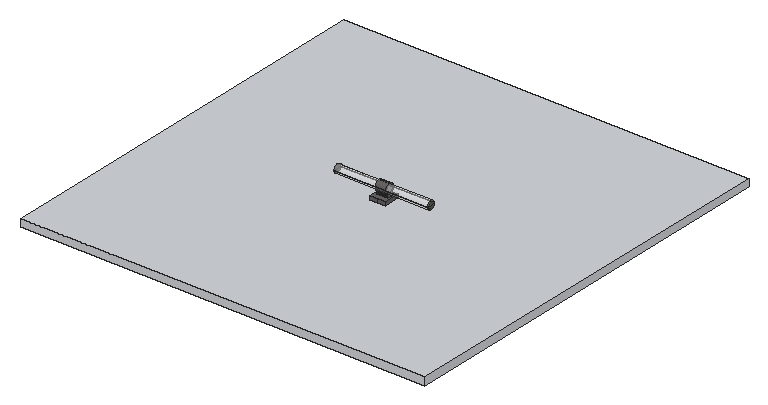
Revit family "P300150-031-30", category Lighting Fixtures, host Face, Revit 2014
Parameters (values of type "P300150-031-30")
  Watts = 36 W
  Wattage Comments = "36"
  Wattage = 36 W
  Warranty = "5 years Warranty"  # constant formula
  built-in parameter 1150110 = 1 (stored number, unit not read)
  Voltage = 120 V
  URL = "https://www.hubbell.com/progresslighting/en"
  built-in parameter 1114217 = 1 (stored number, unit not read)
  Tilt Angle = 60.00°
  built-in parameter 1150109 = 1 (stored number, unit not read)
  built-in parameter 1150134 = 3
  built-in parameter 1150113 = 1 (stored number, unit not read)
  Product Link = "https://www.hubbell.com/progresslighting/en/Products/Lighting-Controls/Residential-Indoor-Lighting/Bath-Vanity/Blanco-LED-Collection-Black-22-LED-Linear-Bath/p/3980426"
  Product Documentation Link = "https://hubbellcdn.com/specsheet/PROG_P300150-031-30_spec.pdf"
  Power Factor = 1
  Photometric Web File = "generic"
  built-in parameter 1150142 = (empty or 0)
  Model = "P300150-031-30"  # constant formula
  Manufacturer = "Progress Lighting"  # constant formula
  built-in parameter 1150105 = 286.48 (stored number, unit not read)
  Lumens = 3600 lm
  built-in parameter 1150115 = 1 (stored number, unit not read)
  Load Classification = Lighting
  built-in parameter 1150137 = (empty or 0)
  built-in parameter 1150139 = (empty or 0)
  built-in parameter 1150112 = 1 (stored number, unit not read)
  built-in parameter 1150114 = 1 (stored number, unit not read)
  built-in parameter 1150132 = (empty or 0)
  built-in parameter 1150102 = (empty or 0)
  built-in parameter 1150107 = 3200 (stored number, unit not read)
  built-in parameter 1150138 = (empty or 0)
  built-in parameter 1150106 = 2.8648 (stored number, unit not read)
  built-in parameter 1150104 = 9.2903 (stored number, unit not read)
  Dimming Lamp Color Temperature Shift = <None>
  Width = 22 1/4"
  Lamp = "LED"
  Housing Material = Paint - Hubbell - Textured Camera Black
  Glass = Hubbell - Glass
  Fixture distribution = "Direct"  # constant formula
  Specifications = "An elegant etched white glass shade shaped in a thin cylinder stretches horizontally across the design.\r\nA classic black finish coats a simple backplate that anchors the light fixture in place.\r\nEnjoy classic forms with crisp, contemporary updates.\r\nIdeal for any bathroom.\r\nPerfect for mid-century modern, transitional, modern, and contemporary settings.\r\nMeasures 22-1/4-inch width by 4-3/4-inch height.\r\nUses an integrated LED (36w).\r\nCompatible with many Triac/ELV dimmers (see dimming controls)\r\nIncludes installation instructions and mounting hardware.\r\nProgress Lighting products are designed for exceptional quality, reliability, and functionality."  # constant formula
  Height = 4 3/4"
  Description = "Enjoy this bath fixture's classic forms with crisp, contemporary updates. A classic black finish coats a simple backplate that anchors the light fixture in place. An elegant etched white glass shade shaped in a thin cylinder stretches horizontally across the design for a clean, modern demeanor."  # constant formula
  Depth = 1 3/4"
  Default Elevation = 48"
  Copyright = " ©2020 Progress Lighting, a division of Hubbell Lighting, Inc"  # constant formula
  Contact = "https://www.hubbell.com/progresslighting/en/contactUs"
  Connector Description = "Lighting Connector"  # constant formula
  Color Filter = 16777215
  built-in parameter 1114218 = 1 (stored number, unit not read)
  built-in parameter 1150133 = 10 (stored number, unit not read)
  Assembly Code = "D5020200"
  Apparent Load = Watts / Power Factor  # 36 VA
Reference planes (in)
  plane 1 "Center (Front/Back)": y = 0
  plane 2: z = 0.5561
  plane 3 "Center (Left/Right)": x = 0
  plane 4: x = -11.125
  plane 5: x = 11.125
  plane 6: y = 0.875
  plane 7: y = -0.875
  plane 8: z = 4.1811
Forms (in)
  Extrusion 1, solid
    sketch origin (0, 0, 0) x (1, 0, 0) y (0, 1, 0)
      loop
        line (-48, 48) -> (-48, -48) -> (48, -48) -> (48, 48) -> (-48, 48)
    from 0.5561 to -1.25
  Extrusion 2, solid, material "Paint - Hubbell - Textured Camera Black" <- "Housing Material"
    sketch origin (0.125, 0.0625, 0) x (1, 0, 0) y (0, 1, 0)
      loop
        line (-2, 1.73389) -> (-2, -2.04707) -> (0, -2.04707) -> (1.758, -2.04707) -> (1.758, 1.73389) -> (0, 1.73389) -> (-2, 1.73389)
    from 0.5561 to 1.33735
  Extrusion 3, solid, material "Paint - Hubbell - Textured Camera Black" <- "Housing Material"
    sketch origin (0, 0, 0.1875) x (0, 1, 0) y (0, 0, 1)
      loop
        circle (0, 2.85087) r 1
      loop
        arc (-1.10156, 2.85087) -> (-0.96173, 2.31374) -> (-0.57774, 1.91297) r 1.10156
        line (-0.57774, 1.91297) -> (-0.57774, 1.53797) -> (-0.62804, 1.53797) -> (-0.62804, 1.35723) -> (-0.62804, 1.14985) -> (0.62804, 1.14985) -> (0.62804, 1.35723) -> (0.62804, 1.53797) -> (0.57774, 1.53797) -> (0.57774, 1.91297)
        arc (0.57774, 1.91297) -> (0.96173, 2.31374) -> (1.10156, 2.85087) r 1.10156
        arc (1.10156, 2.85087) -> (0, 3.95243) -> (-1.10156, 2.85087) r 1.10156
    from -1.24462 to 1.22962
  Extrusion 4, solid, material "Hubbell - Glass"
    sketch origin (0, 0, 0) x (0, 1, 0) y (0, 0, 1)
      loop
        circle (0, 3.03837) r 1
    from -11.125 to 11.125
  Revolve 5, solid, material "Paint - Hubbell - Metallic Bronze Textured"
    sketch origin (0, 0, 3.03837) x (1, 0, 0) y (0, 1, 0)
      loop
        line (-11.125, 0.77671) -> (-11.19911, 0.77671) -> (-11.19911, 0) -> (-11.125, 0) -> (-11.125, 0.77671)
      loop
        line (11.125, 0.77671) -> (11.125, 0) -> (11.19911, 0) -> (11.19911, 0.77671) -> (11.125, 0.77671)
      axis (-11.19911, 0) -> (11.19911, 0)
    angle from 0 to 360
Dimensions and locks (in)
  "Width": plane 4 to plane 5
  "Depth": plane 7 to plane 6
  equal spacing: plane 7, plane 1 "Center (Front/Back)", plane 6
  equal spacing: plane 4, plane 3 "Center (Left/Right)", plane 5
  plane 8 to Extrusion 1 = 3 5/8"
  aligned and locked: plane 2 to Extrusion 1
  aligned and locked: Extrusion 2 to Extrusion 3
  aligned and locked: Extrusion 4 to plane 4
  aligned and locked: plane 5 to Extrusion 4
Automatic sketch dimensions
  Extrusion 1 sketch curve to Extrusion 1 sketch curve = 96"  (x2)
  Extrusion 2 sketch curve to plane 6 = 0.92139"
  Extrusion 2 sketch curve to plane 3 "Center (Left/Right)" = 1 7/8"
  plane 3 "Center (Left/Right)" to Extrusion 2 sketch curve = 1/8"  (x2)
  Extrusion 2 sketch curve to Extrusion 2 sketch curve = 1.758"
  plane 7 to Extrusion 2 sketch curve = 1.10957"
  Extrusion 3 sketch curve to Extrusion 3 sketch curve = 0"  (x20)
  Extrusion 3 sketch curve to plane 1 "Center (Front/Back)" = 0"
  Extrusion 3 sketch curve to plane 7 = 0.29726"
  Extrusion 3 sketch curve to Extrusion 3 sketch curve = 0.05029"  (x2)
  plane 6 to Extrusion 3 sketch curve = 0.29726"
  plane 2 to Extrusion 3 sketch curve = 25/32"
  Extrusion 3 sketch curve to Extrusion 3 sketch curve = 0.20737"  (x2)
  Extrusion 3 sketch curve to Extrusion 3 sketch curve = 0.18074"  (x2)
  Extrusion 3 sketch curve to Extrusion 3 sketch curve = 3/8"
  Extrusion 3 sketch curve to Extrusion 3 sketch curve = 0.9379"
  Extrusion 3 sketch curve to Extrusion 3 sketch curve = 13/128"
  Extrusion 4 sketch curve to Extrusion 4 sketch curve = 0"  (x2)
  Extrusion 4 sketch curve to plane 1 "Center (Front/Back)" = 0"
  Extrusion 4 sketch curve to plane 8 = 1.14274"
  plane 7 to Extrusion 4 sketch curve = 1/8"
  plane 1 "Center (Front/Back)" to Revolve 5 sketch curve = 0"  (x3)
  Revolve 5 sketch curve to plane 4 = 0"  (x2)
  Revolve 5 sketch curve to plane 5 = 0"
  Revolve 5 sketch curve to plane 4 = 0.07411"
  Revolve 5 sketch curve to Revolve 5 sketch curve = 0.07411"
  plane 6 to Revolve 5 sketch curve = 0.09829"  (x2)
  Revolve 5 sketch curve to Revolve 5 sketch curve = 1 3/4"
Connectors (in)
  electrical at (0.04433, -0.09409, 0.5561), driven by "Voltage", driven by "Apparent Load", driven by "Power Factor", driven by "Connector Description"
    settings: on Extrusion 2, index 1, voltage 120 V, apparent load 36 VA, apparent load phase1 0 VA, apparent load phase2 0 VA, apparent load phase3 0 VA, power factor 1, load classification "Other", number of poles 1, system type 30, power factor state 1, is connector primary yes, connector utility no, sub classification motor no, connector description "Lighting Connector"
